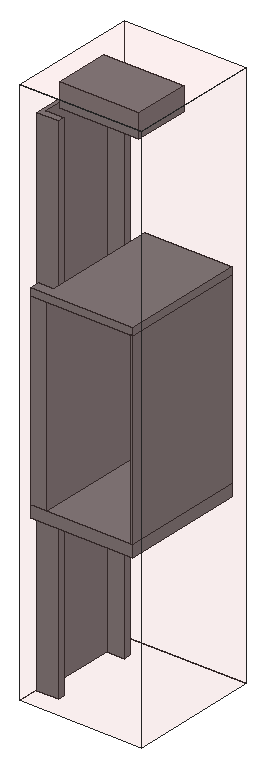
Revit family "Elevator_RES_NationwideLifts_Freedom-Green", category Generic Models, Revit 2026
Family settings
  Can host rebar = No
  Round Connector Dimension = Use Diameter
  Part Type = Normal
  Classification Number = 23.50.05.11
  Work Plane-Based = Yes
  Always vertical = No
  Cut with Voids When Loaded = No
  Maintain Annotation Orientation = No
  Shared = No
  Room Calculation Point = No
Parameters
  Warranty Duration (Years) = 0
  Unit Width = 3' - 0"
  Unit Height [instance] = 6' - 8"
  Unit Depth = 4' - 0"
  URL = "http://www.elevators.com/"
  Stops [instance] = 0
  Standards Conformance = ""
  Specification = "http://www.arcat.com/sdspecs/htm04/14_20_00nwl.htm"
  SpecWizard = ""
  Space Between Cab and Hoistway = 0' - 0 3/4"
  Show Finished Hoistway Clearance [instance] = yes
  Show Default Rail Wall Detail [instance] = yes
  Show Center of Door Detail [instance] = yes
  Send Message = ""
  Sales Information = "http://www.elevators.com/contact-info/"
  Revision = "R1_2016-05"
  Product Properties = ""
  Product Data = "http://www.arcat.com/arcatcos/cos49/arc49670.html"
  Pit Depth [instance] = 0' - 8"
  Overhead [instance] = 9' - 0"
  Overall Height [instance] = Height to Floor of Last Stop + Overhead  # 19' - 0"
  Opening Width = 4' - 4"
  Opening Depth = 4' - 8"
  Model = "As Specified"
  Manufacturer Website = "http://www.elevators.com/"
  Manufacturer Phone - Toll Free = "888-323-8755"
  Manufacturer Phone = ""
  Manufacturer Fax = ""
  Manufacturer Address = "10-B Holden Ave.  Queensbury, NY 12804"
  Manufacturer = "Nationwide Lifts, Inc."
  Maintenance Schedule (Months) = 0
  Lift Travel Speed = ""
  Lift Material [instance] = Metal - Steel
  Lift Height = 0' - 0"
  Keynote = "14 20 00"
  Installation-Fabrication = ""
  Installation Phase = ""
  Hoistway Wall Thickness [instance] = 0' - 0 1/2"
  Hoistway Clearance Material [instance] = ARCAT Clearance
  Height to Full Stroke Sheave [instance] = 17' - 9.338"
  Height to Floor of Last Stop [instance] = 10' - 0"
  Green Building-LEED = ""
  Expected Lifespan (Years) = 0
  Drawn By = "Sumex Design, Inc. / Robert S. Weygant, CSI, CDT, SCIP"
  Description = ""
  Default Elevation = 0' - 0"  # constant formula
  Copyright = "©Arcat Inc."
  Construction Details = ""
  Center of Rail = 2' - 4"
  Center of Door B = 0' - 0"
  Center of Door A = 2' - 11"
  Capacity = ""
  Cab Style 2 Sliding Panel = yes
  Cab Style Accordian Gate = no
  Cab Location [instance] = 5' - 8.02815"
  Cab Exterior Material [instance] = Metal - Steel
  Cab Design = Cab_Type1L : Cab_Type1L
  Assembly Code = "D1010100"
Reference planes (in)
  plane 1 "Center (Front/Back)": y = 0
  plane 2 "Bottom": z = 0
  plane 3 "Center (Left/Right)": x = 0
  plane 4 "Front": y = -28
  plane 5 "Back": y = 28
  plane 6 "Left": x = -26
  plane 7 "Right": x = 26
  plane 8 "Top": z = 228
  plane 9: z = -8
  plane 10: z = 68.02815
Forms (in)
  Extrusion 1, solid, material "ARCAT Clearance" <- "Hoistway Clearance Material", visible <- "Show Finished Hoistway Clearance"
    sketch origin (0, 0, 0) x (1, 0, 0) y (0, 1, 0)
      loop
        line (-26, 28) -> (-26, -28) -> (26, -28) -> (26, 28) -> (-26, 28)
    from -8 to 228
  Extrusion 2, solid, material "Metal - Steel" <- "Lift Material"
    sketch origin (0, 0, 0) x (1, 0, 0) y (0, 1, 0)
      loop
        line (-26, 19) -> (-26, -19) -> (-16.75, -19) -> (-16.75, -16.1875) -> (-24.25, -16.1875) -> (-24.25, 16.1875) -> (-16.75, 16.1875) -> (-16.75, 19) -> (-26, 19)
    from -8 to 213.338 <- "Height to Full Stroke Sheave"
  Extrusion 3, solid, material "Metal - Steel" <- "Lift Material"
    sketch origin (0, 0, 0) x (1, 0, 0) y (0, 0, 1)
      loop
        line (-22, 213.338) -> (12, 213.338) -> (12, 223.338) -> (-22, 223.338) -> (-22, 213.338)
    from -12 to 12
Dimensions and locks (in)
  equal spacing: plane 6 "Left", plane 3 "Center (Left/Right)", plane 7 "Right"
  "Opening Width": plane 6 "Left" to plane 7 "Right"
  equal spacing: plane 5 "Back", plane 1 "Center (Front/Back)", plane 4 "Front"
  "Opening Depth": plane 5 "Back" to plane 4 "Front"
  "Overall Height": plane 8 "Top" to level
  "Pit Depth": level to plane 9
  Extrusion 2 sketch curve to plane 1 "Center (Front/Back)" to Extrusion 2 sketch curve = 1' - 7" locked, 1' - 7" locked
  "Cab Location": plane 10 to plane 2 "Bottom"
  "Height to Full Stroke Sheave": Extrusion 3 sketch curve to level
  locked: Extrusion 3 sketch curve to Extrusion 3 sketch curve at 10
  aligned and locked: Extrusion 1 sketch curve to plane 4 "Front"
  aligned and locked: Extrusion 1 sketch curve to plane 7 "Right"
  aligned and locked: Extrusion 1 to plane 9
  aligned and locked: plane 8 "Top" to Extrusion 1
  aligned and locked: Extrusion 1 to Extrusion 2
  aligned and locked: plane 1 "Center (Front/Back)" to nested 1
  aligned and locked: plane 3 "Center (Left/Right)" to nested 1
Automatic sketch dimensions
  Extrusion 1 sketch curve to plane 6 "Left" = 0' - 0"
  Extrusion 1 sketch curve to plane 5 "Back" = 0' - 0"
  Extrusion 2 sketch curve to plane 6 "Left" = 0' - 0"
  plane 6 "Left" to Extrusion 2 sketch curve = 0' - 1 3/4"
  Extrusion 2 sketch curve to Extrusion 2 sketch curve = 0' - 7 1/2"  (x2)
  Extrusion 2 sketch curve to Extrusion 2 sketch curve = 0' - 2 13/16"  (x2)
  plane 6 "Left" to Extrusion 3 sketch curve = 0' - 4"
  plane 3 "Center (Left/Right)" to Extrusion 3 sketch curve = 1' - 0"
Nested families (in)
  nested 1: "Cab_Type1L" at (0, 0, 68.02815), built-in parameter 1001364 <- "Cab Location", Hoistway Depth <- "Opening Depth", Hoistway Width <- "Opening Width", Unit Width <- "Unit Width", Unit Height <- "Unit Height", Unit Depth <- "Unit Depth", Show Rail Wall Support Detail <- "Show Default Rail Wall Detail", Show Center of Door Location Detail <- "Show Center of Door Detail", Gate A Accordian <- "Cab Style Accordian Gate", Gate A 2 Panel Sliding <- "Cab Style 2 Sliding Panel", Center of Rail <- "Center of Rail", Hoistway Wall Finish Thickness <- "Hoistway Wall Thickness", Center of Door A <- "Center of Door A", Center of Door B <- "Center of Door B", cab exterior <- "Cab Exterior Material", type <- "Cab Design", Space Between Gate and Hoistway <- "Space Between Cab and Hoistway", type "Cab_Type1L"
    with centerdoorBlocate 3' - 0", centerdoorAlocate 2' - 11", cab exterior Metal - Steel, Unit Width 3' - 0", Unit Height 6' - 8", Unit Depth 4' - 0", Space Between Gate and Hoistway 0' - 0 3/4", Show Rail Wall Support Detail yes, Show Center of Door Location Detail yes, Hoistway Width 4' - 4", Hoistway Wall Finish Thickness 0' - 0 1/2", Hoistway Depth 4' - 8", Gate Thickness 0' - 4 1/2", Gate A Accordian no, Gate A 2 Panel Sliding yes, Center of Rail 2' - 4", Center of Door B 0' - 0", Center of Door A 2' - 11"
Definition of nested family "Cab_Type1L"
  Parameters
    centerdoorBlocate [instance] = if(Center of Door B < 2' 0", 3' 0", Center of Door B)  # 2' - 10"
    centerdoorAlocate [instance] = if(Center of Door A < 2' 0", 3' 0", Center of Door A)  # 2' - 4"
    cab exterior [instance] = none
    Unit Width [instance] = 3' - 0"
    Unit Height [instance] = 6' - 8"
    Unit Depth [instance] = 4' - 0"
    Space Between Gate and Hoistway [instance] = 0' - 0 3/4"
    Show Rail Wall Support Detail [instance] = yes
    Show Center of Door Location Detail [instance] = yes
    Hoistway Width [instance] = 4' - 2"
    Hoistway Wall Finish Thickness [instance] = 0' - 0 1/2"
    Hoistway Depth [instance] = 4' - 7"
    Gate Thickness [instance] = 0' - 4 1/2"  # constant formula
    Gate A Accordian [instance] = yes
    Gate A 2 Panel Sliding [instance] = yes
    Default Elevation = 0' - 0"
    Center of Rail [instance] = 2' - 5"
    Center of Door B [instance] = 2' - 10"
    Center of Door A [instance] = 2' - 4"
    Assembly Code = ""
  Reference planes (in)
    plane 1 "Center (Front/Back)": y = 0
    plane 2: z = 0
    plane 3 "Center (Left/Right)": x = 0
    plane 4: y = 27.5
    plane 5: y = -27.5
    plane 6: x = -25
    plane 7: x = 25
    plane 8: y = 1.5
    plane 9: x = -25.5
    plane 10: y = 25.75
    plane 11: y = -26.75
    plane 12: x = -14.25
    plane 13: x = 21.75
    plane 14: y = -22.25
    plane 15: x = 3
  Forms (in)
    Extrusion 1, solid, material <- "cab exterior"
      sketch origin (0, 0, 0) x (1, 0, 0) y (0, 1, 0)
        loop
          line (-14.25, -26.75) -> (-14.25, 25.75) -> (21.75, 25.75) -> (21.75, -26.75) -> (22.5, -26.75) -> (22.5, 26.5) -> (-15, 26.5) -> (-15, -22.25) -> (-21, -22.25) -> (-21, -26.75) -> (-14.25, -26.75)
      from 0 to 80 <- "Unit Height"
    Extrusion 2, solid, material <- "cab exterior"
      sketch origin (0, 0, 0) x (1, 0, 0) y (0, 1, 0)
        loop
          line (-15, 26.5) -> (-15, -22.25) -> (-21, -22.25) -> (-21, -26.75) -> (22.5, -26.75) -> (22.5, 26.5) -> (-15, 26.5)
      from 0 to -5
    Extrusion 3, solid, material <- "cab exterior"
      sketch origin (0, 0, 80) x (1, 0, 0) y (0, 1, 0)
        loop
          line (-15, 26.5) -> (-15, -22.25) -> (-21, -22.25) -> (-21, -26.75) -> (22.5, -26.75) -> (22.5, 26.5) -> (-15, 26.5)
      from 0 to 3
  Dimensions and locks (in)
    equal spacing: plane 6, plane 3 "Center (Left/Right)", plane 7
    "Hoistway Width": plane 6 to plane 7
    equal spacing: plane 4, plane 1 "Center (Front/Back)", plane 5
    "Hoistway Depth": plane 4 to plane 5
    "Center of Rail": plane 8 to plane 5
    "Hoistway Wall Finish Thickness": plane 9 to plane 6
    "Unit Width": plane 12 to plane 13
    "centerdoorAlocate": plane 6 to plane 15
    locked: Extrusion 1 sketch curve to plane 12 at 0.75
    "Gate Thickness": plane 14 to plane 11
    locked: plane 13 to Extrusion 2 sketch curve at 0.75
    locked: Extrusion 3 sketch curve to plane 12 at 6.75
    locked: Extrusion 1 sketch curve to plane 12 at 6.75
    locked: Extrusion 2 sketch curve to plane 12 at 6.75
    locked: plane 6 to plane 12 at 10.75
    locked: nested 3 to plane 11 at 0.5
    locked: nested 4 to plane 11 at 4.0625
    "Space Between Gate and Hoistway": plane 11 to plane 5
    "Unit Depth": plane 10 to plane 14
    locked: Extrusion 1 sketch curve to plane 10 at 0.75
    locked: Extrusion 2 sketch curve to plane 10 at 0.75
    locked: Extrusion 3 sketch curve to plane 10 at 0.75
    aligned and locked: plane 2 to level
    aligned and locked: plane 8 to nested 1
    aligned and locked: plane 9 to nested 1
    aligned and locked: plane 12 to Extrusion 1 sketch curve
    aligned and locked: plane 11 to Extrusion 1 sketch curve  (x2)
    aligned and locked: plane 14 to Extrusion 1 sketch curve
    aligned and locked: plane 13 to Extrusion 1 sketch curve
    aligned and locked: Extrusion 2 sketch curve to plane 11
    aligned and locked: nested 2 to plane 15
    aligned and locked: plane 5 to nested 2
    aligned and locked: nested 3 to plane 13
    aligned and locked: nested 4 to Extrusion 1
  Automatic sketch dimensions
    plane 13 to Extrusion 1 sketch curve = 0' - 0 3/4"
    Extrusion 1 sketch curve to plane 10 = 0' - 0"
    Extrusion 2 sketch curve to plane 14 = 0' - 0"
    Extrusion 2 sketch curve to plane 12 = 0' - 0 3/4"
    Extrusion 1 to Extrusion 3 sketch curve = 0' - 0"
    Extrusion 3 sketch curve to Extrusion 1 = 0' - 0"  (x3)
  Nested families (in)
    nested 1: "RailWallSupport" at (-25.5, 1.5, 0) x (0, 1, 0) z (0, 0, 1), visible <- "Show Rail Wall Support Detail", type "asSpecified"
    nested 2: "DoorLocation" at (3, -33.5, 0), visible <- "Show Center of Door Location Detail", type "asSpecified"
    nested 3: "Sliding2Door" at (-14.25, -26.25, 0), visible <- "Gate A 2 Panel Sliding", type "Sliding2Door"
      with doorpanelwidth 1' - 7", Door Width 3' - 0"
    nested 4: "AccordionGateDetail" at (-21, -24.4375, 0), visible <- "Gate A Accordian", type "AccordionGateDetail"
  Definition of nested family "RailWallSupport"
    Reference planes (in)
      plane 1 "Center (Front/Back)": y = 0
      plane 2: z = 0
      plane 3 "Center (Left/Right)": x = 0
    Lines and regions (in)
      detail lines, in view "Ref. Level"
        curve 1: line (14.375, 0, 0) -> (23.625, 0, 0)
        curve 2: line (23.625, 0, 0) -> (23.625, 1.5, 0)
        curve 3: line (23.625, 1.5, 0) -> (14.375, 1.5, 0)
        curve 4: line (14.375, 1.5, 0) -> (14.375, 0, 0)
        curve 5: line (14.375, 1.5, 0) -> (14.375, 3, 0)
        curve 6: line (14.375, 3, 0) -> (23.625, 3, 0)
        curve 7: line (23.625, 3, 0) -> (23.625, 1.5, 0)
        curve 8: line (23.625, 0, 0) -> (23.625, 3.5, 0)
        curve 9: line (23.625, 3.5, 0) -> (25.125, 3.5, 0)
        curve 10: line (25.125, 3.5, 0) -> (25.125, 0, 0)
        curve 11: line (25.125, 0, 0) -> (23.625, 0, 0)
        curve 12: line (14.375, 0, 0) -> (12.875, 0, 0)
        curve 13: line (12.875, 0, 0) -> (12.875, 3.5, 0)
        curve 14: line (12.875, 3.5, 0) -> (14.375, 3.5, 0)
        curve 15: line (14.375, 3.5, 0) -> (14.375, 3, 0)
        curve 16: line (12.875, 3.5, 0) -> (14.375, 0, 0)
        curve 17: line (14.375, 3.5, 0) -> (12.875, 0, 0)
        curve 18: line (23.625, 3.5, 0) -> (25.125, 0, 0)
        curve 19: line (25.125, 3.5, 0) -> (23.625, 0, 0)
        curve 20: line (14.375, 3, 0) -> (23.625, 1.5, 0)
        curve 21: line (23.625, 3, 0) -> (14.375, 1.5, 0)
        curve 22: line (14.375, 1.5, 0) -> (23.625, 0, 0)
        curve 23: line (23.625, 1.5, 0) -> (14.375, 0, 0)
        curve 24: line (-14.375, 0, 0) -> (-23.625, 0, 0)
        curve 25: line (-23.625, 0, 0) -> (-23.625, 1.5, 0)
        curve 26: line (-23.625, 1.5, 0) -> (-14.375, 1.5, 0)
        curve 27: line (-14.375, 1.5, 0) -> (-14.375, 0, 0)
        curve 28: line (-14.375, 1.5, 0) -> (-14.375, 3, 0)
        curve 29: line (-14.375, 3, 0) -> (-23.625, 3, 0)
        curve 30: line (-23.625, 3, 0) -> (-23.625, 1.5, 0)
        curve 31: line (-23.625, 0, 0) -> (-23.625, 3.5, 0)
        curve 32: line (-23.625, 3.5, 0) -> (-25.125, 3.5, 0)
        curve 33: line (-25.125, 3.5, 0) -> (-25.125, 0, 0)
        curve 34: line (-25.125, 0, 0) -> (-23.625, 0, 0)
        curve 35: line (-14.375, 0, 0) -> (-12.875, 0, 0)
        curve 36: line (-12.875, 0, 0) -> (-12.875, 3.5, 0)
        curve 37: line (-12.875, 3.5, 0) -> (-14.375, 3.5, 0)
        curve 38: line (-14.375, 3.5, 0) -> (-14.375, 3, 0)
        curve 39: line (-12.875, 3.5, 0) -> (-14.375, 0, 0)
        curve 40: line (-14.375, 3.5, 0) -> (-12.875, 0, 0)
        curve 41: line (-23.625, 3.5, 0) -> (-25.125, 0, 0)
        curve 42: line (-25.125, 3.5, 0) -> (-23.625, 0, 0)
        curve 43: line (-14.375, 3, 0) -> (-23.625, 1.5, 0)
        curve 44: line (-23.625, 3, 0) -> (-14.375, 1.5, 0)
        curve 45: line (-14.375, 1.5, 0) -> (-23.625, 0, 0)
        curve 46: line (-23.625, 1.5, 0) -> (-14.375, 0, 0)
  Definition of nested family "DoorLocation"
    Parameters
      Assembly Code = ""
    Reference planes (in)
      plane 1 "Center (Front/Back)": y = 0
      plane 2: z = 0
      plane 3 "Center (Left/Right)": x = 0
    Lines and regions (in)
      detail lines, in view "Ref. Level"
        curve 1: line (-18, -6, 0) -> (-18, 0, 0)
        curve 2: line (-18, 0, 0) -> (18, 0, 0)
        curve 3: line (18, 0, 0) -> (18, -6, 0)
        curve 4: line (18, -6, 0) -> (-18, -6, 0)
        curve 5: line (0, 0, 0) -> (0, -6, 0)
        curve 6: line (0, 0, 0) -> (-0.35355, -0.35355, 0)
        curve 7: line (0, 0, 0) -> (0.35355, -0.35355, 0)
        curve 8: line (0, -6, 0) -> (0.35355, -5.64645, 0)
        curve 9: line (0, -6, 0) -> (-0.35355, -5.64645, 0)
  Definition of nested family "Sliding2Door"
    Parameters
      doorpanelwidth [instance] = (Door Width + 0' 1" + 0' 1") / 2  # 1' - 5"
      Door Width [instance] = 2' - 8"
      Assembly Code = ""
    Reference planes (in)
      plane 1 "Center (Front/Back)": y = 0
      plane 2: z = 0
      plane 3 "Center (Left/Right)": x = 0
      plane 4: x = 32
      plane 5: x = -1
      plane 6: x = 15
      plane 7: x = 16
      plane 8: x = 16
    Lines and regions (in)
      detail lines, in view "Ref. Level"
        curve 1: line (31.75, 0, 0) -> (15.25, 0, 0)
        curve 2: line (15, 0.25, 0) -> (15, 1.3125, 0)
        curve 3: line (15.25, 1.5625, 0) -> (31.75, 1.5625, 0)
        curve 4: line (32, 1.3125, 0) -> (32, 0.25, 0)
        curve 5: arc (31.75, 1.5625, 0) -> (31.92678, 1.48928, 0) -> (32, 1.3125, 0) r 0.25
        curve 6: arc (32, 0.25, 0) -> (31.92678, 0.07322, 0) -> (31.75, 0, 0) r 0.25
        curve 7: arc (15.25, 1.5625, 0) -> (15.07322, 1.48928, 0) -> (15, 1.3125, 0) r 0.25
        curve 8: arc (15, 0.25, 0) -> (15.07322, 0.07322, 0) -> (15.25, 0, 0) r 0.25
        curve 9: line (15.75, 1.6875, 0) -> (-0.75, 1.6875, 0)
        curve 10: line (-1, 1.9375, 0) -> (-1, 3, 0)
        curve 11: line (-0.75, 3.25, 0) -> (15.75, 3.25, 0)
        curve 12: line (16, 3, 0) -> (16, 1.9375, 0)
        curve 13: arc (15.75, 3.25, 0) -> (15.92678, 3.17678, 0) -> (16, 3, 0) r 0.25
        curve 14: arc (16, 1.9375, 0) -> (15.92678, 1.76072, 0) -> (15.75, 1.6875, 0) r 0.25
        curve 15: arc (-0.75, 3.25, 0) -> (-0.92678, 3.17678, 0) -> (-1, 3, 0) r 0.25
        curve 16: arc (-1, 1.9375, 0) -> (-0.92678, 1.76072, 0) -> (-0.75, 1.6875, 0) r 0.25
        curve 17: line (32, 3.5, 0) -> (32, 1.6875, 0)
        curve 18: line (32, 1.6875, 0) -> (31.5, 1.6875, 0)
        curve 19: line (31.5, 1.6875, 0) -> (31.5, 3.5, 0)
        curve 20: line (16, 2.5625, 0) -> (31.5, 2.5625, 0)
        curve 21: line (16, 2.3125, 0) -> (31.5, 2.3125, 0)
        curve 22: line (-1, 0.89063, 0) -> (15, 0.89063, 0)
        curve 23: line (15, 0.64063, 0) -> (-1, 0.64063, 0)
        curve 24: line (-1, 0.89063, 0) -> (-1, 0.64063, 0)
        curve 25: line (31.5, 3.5, 0) -> (32, 3.5, 0)
    Dimensions and locks (in)
      locked: plane 5 to plane 3 "Center (Left/Right)" at 1
      "Door Width": plane 3 "Center (Left/Right)" to plane 4
      "doorpanelwidth": plane 6 to plane 4
      locked: plane 6 to plane 7 at 1
      equal spacing: plane 3 "Center (Left/Right)", plane 8, plane 4
      aligned and locked: plane 6 to curve 2
      aligned and locked: curve 12 to plane 7
      aligned and locked: curve 4 to plane 4
      aligned and locked: plane 5 to curve 22
      aligned and locked: plane 6 to curve 22
      aligned and locked: plane 5 to curve 23
      aligned and locked: plane 5 to curve 10
    Automatic sketch dimensions
      plane 1 "Center (Front/Back)" to curve 1 = 0' - 0"
      curve 17 to plane 4 = 0' - 0"
      plane 5 to curve 16 = 0' - 0 1/4"
      plane 5 to curve 11 = 0' - 0 1/4"
      plane 6 to curve 7 = 0' - 0 1/4"
      plane 6 to curve 1 = 0' - 0 1/4"
      curve 13 to plane 7 = 0' - 0 1/4"
      curve 14 to plane 7 = 0' - 0 1/4"
      curve 20 to plane 4 = 0' - 0 1/2"
      curve 3 to plane 4 = 0' - 0 1/4"
      curve 6 to plane 4 = 0' - 0 1/4"
      curve 2 to curve 23 = 0' - 0 25/64"
      curve 23 to curve 24 = 0' - 0 1/4"
      curve 4 to curve 4 = 0' - 1 1/16"
      curve 3 to curve 18 = 0' - 0 1/8"
      curve 12 to curve 21 = 0' - 0 3/8"
      curve 21 to curve 20 = 0' - 0 1/4"
      curve 20 to curve 12 = 0' - 0 7/16"
      curve 20 to curve 17 = 0' - 0 15/16"
      curve 7 to curve 9 = 0' - 0 1/8"
  Definition of nested family "AccordionGateDetail"
    Reference planes (in)
      plane 1 "Center (Front/Back)": y = 0
      plane 2: z = 0
      plane 3 "Center (Left/Right)": x = 0
    Lines and regions (in)
      detail lines, in view "Ref. Level"
        curve 1: line (0, 0, 0) -> (0, 1.75, 0)
        curve 2: line (0, 1.75, 0) -> (0.3125, 1.75, 0)
        curve 3: circle (0.15625, 0, 0) r 0.15625 normal (0, 0, 1)
        curve 4: line (0.3125, 1.75, 0) -> (0.3125, 0, 0)
        curve 5: line (0.04576, -0.11049, 0) -> (2.16708, -2.23181, 0)
        curve 6: line (2.16708, -2.23181, 0) -> (6.05617, 1.65728, 0)
        curve 7: line (6.05617, 1.65728, 0) -> (9.94526, -2.23181, 0)
        curve 8: line (9.94526, -2.23181, 0) -> (13.83435, 1.65728, 0)
        curve 9: line (13.83435, 1.65728, 0) -> (17.72343, -2.23181, 0)
        curve 10: line (17.72343, -2.23181, 0) -> (20.19831, 0.24307, 0)
        curve 11: line (0.26674, 0.11049, 0) -> (2.16708, -1.78986, 0)
        curve 12: line (2.16708, -1.78986, 0) -> (6.05617, 2.09922, 0)
        curve 13: line (6.05617, 2.09922, 0) -> (9.94526, -1.78986, 0)
        curve 14: line (9.94526, -1.78986, 0) -> (13.83435, 2.09922, 0)
        curve 15: line (13.83435, 2.09922, 0) -> (17.72343, -1.78986, 0)
        curve 16: line (17.72343, -1.78986, 0) -> (19.97734, 0.46404, 0)
        curve 17: circle (20.08782, 0.35355, 0) r 0.15625 normal (0, 0, 1)
        curve 18: line (20.24407, -0.14645, 0) -> (20.24407, 0.85355, 0)
        curve 19: line (20.24407, 0.85355, 0) -> (23.49407, 0.85355, 0)
        curve 20: line (23.49407, 0.85355, 0) -> (23.49407, -0.14645, 0)
        curve 21: line (23.49407, -0.14645, 0) -> (20.24407, -0.14645, 0)
        curve 22: line (21.18157, 1.85355, 0) -> (22.55657, 1.85355, 0)
        curve 23: line (21.43157, 0.85355, 0) -> (21.18157, 1.85355, 0)
        curve 24: line (22.30657, 0.85355, 0) -> (22.55657, 1.85355, 0)
        curve 25: line (22.55657, -1.14645, 0) -> (21.18157, -1.14645, 0)
        curve 26: line (22.30657, -0.14645, 0) -> (22.55657, -1.14645, 0)
        curve 27: line (21.43157, -0.14645, 0) -> (21.18157, -1.14645, 0)
